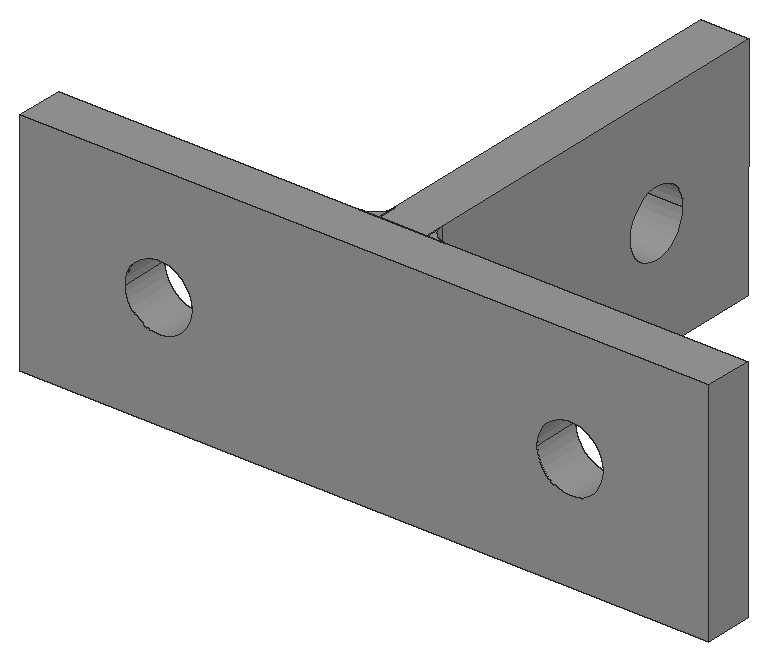
Revit family "BCA-K238(3)", category Site, Revit 2025
Family settings
  Round Connector Dimension = Use Diameter
  Part Type = Normal
  Work Plane-Based = No
  Always vertical = Yes
  Cut with Voids When Loaded = No
  Shared = No
Parameters (values of type "Postech-Vistech BCA-K238(3)")
  L/2 Plate-pile = 0' - 2 1/4"
  L PLate-C = 0' - 2 5/8"
  Dist Holes plate-pile = 0' - 0 29/32"
Reference planes (in)
  plane 1 "Center (Front/Back)": y = 0
  plane 2: z = 0
  plane 3 "Center (Left/Right)": x = 0
Forms (in)
  Extrusion 1, solid, material "Galvanized"
    sketch origin (0, 0, 0) x (1, 0, 0) y (0, 0, 1)
      loop
        line (2.25, 0) -> (2.25, 1.5) -> (-2.25, 1.5) -> (-2.25, 0) -> (2.25, 0)
      loop
        circle (-1.34375, 0.75) r 0.21875
      loop
        circle (1.34375, 0.75) r 0.21875
    from 0 to 0.3125
  Extrusion 2, solid, material "Galvanized"
    sketch origin (0, 0, 0) x (0, 1, 0) y (0, 0, 1)
      loop
        line (0, 1.5) -> (0, 0) -> (2.625, 0) -> (2.625, 1.5) -> (0, 1.5)
      loop
        circle (1.875, 0.75) r 0.21875
    from -0.15625 to 0.15625
  Sweep 3, solid, material "Galvanized"
    path in 3D
      loop
        line (0.15625, 0, 1.5) -> (0.15625, 0, 0)
    profile origin (0.15625, 0, 0.75) x (1, 0, 0) y (0, 1, 0)
      loop
        arc (0.125, 0) -> (0.03661, 0.03661) -> (0, 0.125) r 0.125
        line (0, 0.125) -> (0, 0) -> (0.125, 0)
  Sweep 4, solid, material "Galvanized"
    path in 3D
      loop
        line (-0.15625, 0, 1.5) -> (-0.15625, 0, 0)
    profile origin (-0.15625, 0, 0.75) x (-1, 0, 0) y (0, -1, 0)
      loop
        line (0.125, 0) -> (0, 0) -> (0, -0.125)
        arc (0, -0.125) -> (0.03661, -0.03661) -> (0.125, 0) r 0.125
Lines and regions (in)
  sketch lines
    curve 1: line (0.15625, 0, 1.5) -> (0.15625, 0, 0)
    curve 2: line (-0.15625, 0, 1.5) -> (-0.15625, 0, 0)
Dimensions and locks (in)
  "Dist Holes plate-pile": Extrusion 1 sketch curve to Extrusion 1 sketch curve  (x2)
  "L PLate-C": Extrusion 1 to Extrusion 2 sketch curve
  "L/2 Plate-pile": plane 3 "Center (Left/Right)" to Extrusion 1 sketch curve  (x2)
Automatic sketch dimensions
  Sweep 3 sketch curve to profile plane = 0' - 0"
  profile plane to Sweep 3 sketch curve = 0' - 0"
  profile plane to Sweep 3 sketch curve = 0' - 0 1/8"
  Sweep 4 sketch curve to profile plane = 0' - 0"  (x2)
  profile plane to Sweep 4 sketch curve = 0' - 0 1/8"
  Extrusion 1 sketch curve to level = 0' - 0"
  level to Extrusion 1 sketch curve = 0' - 0 3/4"  (x2)
  Extrusion 1 sketch curve to Extrusion 1 sketch curve = 0' - 0 3/4"
  Extrusion 2 sketch curve to plane 1 "Center (Front/Back)" = 0' - 0"
  Extrusion 2 sketch curve to level = 0' - 0"
  Extrusion 2 sketch curve to Extrusion 2 sketch curve = 0' - 0 3/4"  (x2)
  level to Extrusion 2 sketch curve = 0' - 0 3/4"
  radius of Extrusion 1 sketch curve = 0' - 0 7/32"  (x2)
  radius of Extrusion 2 sketch curve = 0' - 0 7/32"
